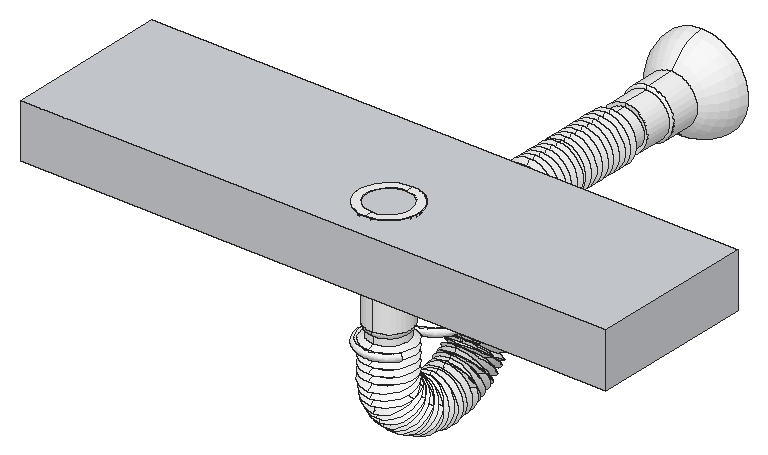
Revit family "BIM_01-2907-215", category Aparatos sanitarios, Revit 2023
Family settings
  Anfitrión = Cara
  Cota de conector redondo = Usar diámetro
  Tipo de pieza = Normal
  Número OmniClass = 23.31.11.00
  Activar corte en vistas = No
  Corte con vacíos al cargar = No
  Mantener orientación de anotación = No
  Compartido = No
  Punto de cálculo de habitación = No
Parameters (values of type "01-2907-15")
  largo Contraido = 315.0 mm
  Waste Water Outlet = ""
  Tubo de desagüe = "1 1/2\""
  Tubo macho pared = "1 1/4\""
  Torque de Conexioón = "20 Nm"
  Tipo de Uso = "Domestico"
  Temperaturas de trabajo = "de 19C° A 62C°"
  Sitio web = "https://www.gricol.com/"
  Resistencia a Corrosión = "NTC 1156, Sal Neutral"
  Referente Normativo = "NTC 5302, ASME A112.18.2 / CSA B125.2"
  Materiales del producto = "Polipropileno, Caucho"
  Link Ficha Tecnica = "https://infotecnica.gricol.com/FT_01-2907-215S_01-2988-215P_01-2907-211_01-2989-211P.pdf"
  Goteo de Sello = "63 ml/min"
  Garantia Especifica = "20 Años"
  Diametro Externo = "1 1/2\""
  Consumo aproximado a 25 psi = 27
  Conexión de residuos = 1 = 0  # no
  Conexión de ventilación = 1 = 0  # no
  URL = "https://www.gricol.com/products/sifon_expansible_lavaplatos_lavamanos"
  Imagen de tipo = FOTO-SIFÓN EXPANSIBLE PLÁSTICO 1½ Ó 1¼.jpg
  Product Name = "Sifón expansible 1 1/2'' - 1 1/4'' blanco"  # constant formula
  Model = "01-2907-15\r"  # constant formula
  Fabricante = "Gricol"  # constant formula
  Largo expandido = 827.0 mm
  Conexión AC = 1 = 1  # yes
  Descripción = "Sifon"  # constant formula
  Default Elevation = 0.0 mm
  Date Modified = "25-08-2025"  # constant formula
  Date Created = "05/28/2020"  # constant formula
  Copyright = "All rights reserved © Gricol - 2025."  # constant formula
  Plastico polipropileno gris = Plastico - polipropileno
  CW Connection = 1 = 1  # yes
  Assembly Code = ""
  Conexiones = "Tubo para acople en tubería de 1¼\" ó 1½\""
  Ancho = 47.5 mm
Reference planes
  plane 1 "Center (Front/Back)": y = 0
  plane 2: z = 0
  plane 3 "Center (Left/Right)": x = 0
  plane 4: x = 39.75
  plane 5: z = -158.75
  plane 6: y = 23.75
  plane 7: y = -23.75
  plane 8: y = 273.435
  plane 9: x = 43.92
  plane 10: x = -3.548
Forms (mm)
  Extrusion 1, solid
    sketch origin (0, 0, 0) x (1, 0, 0) y (0, 1, 0)
      loop
        line (-206.57, 77.221) -> (-206.57, -37.685) -> (202.65, -37.685) -> (202.65, 77.221) -> (-206.57, 77.221)
    from 0 to -38.036
Dimensions and locks
  plane 3 "Center (Left/Right)" to plane 4 = 39.75 mm
  plane 5 to level = 158.75 mm
  plane 6 to plane 7 = 47.5 mm
  plane 7 to plane 8 = 297.185 mm
  plane 10 to plane 9 = 47.468 mm
  aligned and locked: plane 2 to Extrusion 1
  aligned and locked: level to Extrusion 1
Nested families
  nested 1: "SIFÓN EXPANSIBLE PLÁSTICO 1½ Ó 1¼" at (20.512, -6.772, 0), type "SIFÓN EXPANSIBLE PLÁSTICO 1½ Ó 1¼"
Definition of nested family "SIFÓN EXPANSIBLE PLÁSTICO 1½ Ó 1¼"
  Parameters (values of type "SIFÓN EXPANSIBLE PLÁSTICO 1½ Ó 1¼")
    Weight Net (Kg) = "6.60Kg"
    Default Elevation = 0.0 mm
    Waste Connection = no
    Vent Connection = no
    Type Comments = ""
    Tuerca Empaque = none
    Cacucho = none
    Nominal width = "370"
    Nominal height = "130"
    Model = ""
    Manufacturer = ""
    Keynote = ""
    HW Connection = no
    Extencion = none
    Cost = 0
    CW Connection = no
  Reference planes
    plane 1: z = 0
    plane 2 "Center (Left/Right)": x = 0
    plane 3 "10": z = -121.5
    plane 4: x = 30.601
    plane 5 "11": x = -30.601
    plane 6 "14": x = 30.69
    plane 7 "15": x = 23.407
    plane 8 "16": x = -23.592
    plane 9 "20": y = -24.375
    plane 10 "21": y = 280.485
    plane 11: y = 6.772
    plane 12: y = 30.522
    plane 13: y = -16.978
    plane 14 "28": z = -23.6
  Forms (mm)
    Revolve 1, solid
      sketch origin (0, 200.504, 1.457) x (0, 0, 1) y (0, -1, 0)
        loop
          line (-76.257, 178.4) -> (-44.079, 178.4)
          arc (-44.079, 178.4) -> (-43.055, 175.926) -> (-40.581, 174.901) r 3.499
          line (-40.581, 174.901) -> (-28.198, 174.901) -> (-28.198, 169.901) -> (-11.289, 169.901) -> (-11.289, 171.895) -> (-10.158, 173.026) -> (-9.027, 171.895) -> (-7.897, 173.026) -> (-6.766, 171.895) -> (-5.635, 173.026) -> (-4.504, 171.895) -> (-3.373, 173.026) -> (-2.242, 171.895) -> (-1.457, 172.681) -> (-1.457, 193.61) -> (-79.792, 193.61) -> (-79.792, 180.311)
          arc (-79.792, 180.311) -> (-78.266, 178.908) -> (-76.257, 178.4) r 4.224
        axis (-1.457, 193.61) -> (-79.792, 193.61)
      angle from 0 to 360
    Revolve 2, solid
      sketch origin (0, 280.207, -44.556) x (0, 0, 1) y (0, -1, 0)
        loop
          arc (32.5, 0) -> (28.183, 14.828) -> (17.5, 25.981) r 32.446
          line (17.5, 25.981) -> (17.5, 46.423)
          arc (17.5, 46.423) -> (16.977, 47.686) -> (15.714, 48.209) r 1.786
          line (15.714, 48.209) -> (15.714, 67.123) -> (0, 67.123) -> (0, 0) -> (32.5, 0)
        axis (0, 0) -> (0, 67.123)
      angle from 0 to 360
    Extrusion 3, solid
      sketch origin (0.51, 3.297, -50.202) x (1, 0, 0.000021) y (0, 1, 0)
        loop
          circle (-0.747, 3.139) r 23.75
      from 23.688 to 40.37
    Revolve 4, solid
      sketch origin (169.077, 181.323, -32.959) x (0, 0, 1) y (-0.881442, -0.472291, 0)
        loop
          circle (-54.884, 173.292) r 2.199
        axis (-52.684, 192.2) -> (-57.083, 192.2)
      angle from 0 to 242.659
    Revolve 5, solid
      sketch origin (0, -29.389, -35) x (0, 1, 0) y (0, 0, 1)
        loop
          line (242.473, -9.644) -> (242.473, 3.526) -> (232.718, 3.526) -> (230.279, 7.75) -> (227.779, 3.42) -> (227.779, -9.644) -> (242.473, -9.644)
        axis (242.473, -9.644) -> (227.779, -9.644)
      angle from 0 to 360
    Revolve 6, solid
      sketch origin (0, -44.084, -35) x (0, 1, 0) y (0, 0, 1)
        loop
          line (242.473, -9.644) -> (242.473, 3.526) -> (240.035, 7.75) -> (237.596, 3.526) -> (235.157, 7.75) -> (232.718, 3.526) -> (230.279, 7.75) -> (227.779, 3.42) -> (227.779, -9.644) -> (242.473, -9.644)
        axis (242.473, -9.644) -> (227.779, -9.644)
      angle from 0 to 360
    Revolve 7, solid
      sketch origin (0, -58.778, -35) x (0, 1, 0) y (0, 0, 1)
        loop
          line (242.473, -9.644) -> (242.473, 3.526) -> (240.035, 7.75) -> (237.596, 3.526) -> (235.157, 7.75) -> (232.718, 3.526) -> (230.279, 7.75) -> (227.779, 3.42) -> (227.779, -9.644) -> (242.473, -9.644)
        axis (242.473, -9.644) -> (227.779, -9.644)
      angle from 0 to 360
    Revolve 8, solid
      sketch origin (0, -73.473, -35) x (0, 1, 0) y (0, 0, 1)
        loop
          line (242.473, -9.644) -> (242.473, 3.526) -> (240.035, 7.75) -> (237.596, 3.526) -> (235.157, 7.75) -> (232.718, 3.526) -> (230.279, 7.75) -> (227.779, 3.42) -> (227.779, -9.644) -> (242.473, -9.644)
        axis (242.473, -9.644) -> (227.779, -9.644)
      angle from 0 to 360
    Revolve 9, solid
      sketch origin (0, -88.167, -35) x (0, 1, 0) y (0, 0, 1)
        loop
          line (244.973, -9.644) -> (244.973, 3.526) -> (242.535, 7.75) -> (240.096, 3.526) -> (237.657, 7.75) -> (235.218, 3.526) -> (232.779, 7.75) -> (230.279, 3.42) -> (230.279, -9.644) -> (244.973, -9.644)
        axis (244.973, -9.644) -> (230.279, -9.644)
      angle from 0 to 360
    Revolve 10, solid
      sketch origin (0, -102.862, -35) x (0, 1, 0) y (0, 0, 1)
        loop
          line (244.973, -9.644) -> (244.973, 3.526) -> (242.535, 7.75) -> (240.096, 3.526) -> (237.657, 7.75) -> (235.218, 3.526) -> (232.779, 7.75) -> (230.279, 3.42) -> (230.279, -9.644) -> (244.973, -9.644)
        axis (244.973, -9.644) -> (230.279, -9.644)
      angle from 0 to 360
    Revolve 11, solid
      sketch origin (0, -114.706, -69.721) x (0, 0.990268, 0.139173) y (0, -0.139173, 0.990268)
        loop
          line (244.949, -9.992) -> (244.949, 3.178) -> (242.51, 7.402) -> (240.071, 3.178) -> (237.632, 7.402) -> (235.193, 3.178) -> (232.755, 7.402) -> (230.255, 3.072) -> (230.255, -9.992) -> (244.949, -9.992)
        axis (244.949, -9.992) -> (230.255, -9.992)
      angle from 0 to 360
    Revolve 12, solid
      sketch origin (0, -107.885, -141.206) x (0, 0.906308, 0.422618) y (0, -0.422618, 0.906308)
        loop
          line (244.739, -10.701) -> (244.739, 2.469) -> (242.3, 6.693) -> (239.861, 2.469) -> (237.422, 6.693) -> (234.984, 2.469) -> (232.545, 6.693) -> (230.045, 2.363) -> (230.045, -10.701) -> (244.739, -10.701)
        axis (244.739, -10.701) -> (230.045, -10.701)
      angle from 0 to 360
    Revolve 13, solid
      sketch origin (0, -83.621, -203.485) x (0, 0.75471, 0.656059) y (0, -0.656059, 0.75471)
        loop
          line (244.36, -11.284) -> (244.36, 1.886) -> (241.921, 6.11) -> (239.482, 1.886) -> (237.044, 6.11) -> (234.605, 1.886) -> (232.166, 6.11) -> (229.666, 1.78) -> (229.666, -11.284) -> (244.36, -11.284)
        axis (244.36, -11.284) -> (229.666, -11.284)
      angle from 0 to 360
    Revolve 14, solid
      sketch origin (0, -46.672, -254.36) x (0, 0.559193, 0.829038) y (0, -0.829038, 0.559193)
        loop
          line (243.871, -11.717) -> (243.871, 1.453) -> (241.433, 5.677) -> (238.994, 1.453) -> (236.555, 5.677) -> (234.116, 1.453) -> (231.677, 5.677) -> (229.177, 1.347) -> (229.177, -11.717) -> (243.871, -11.717)
        axis (243.871, -11.717) -> (229.177, -11.717)
      angle from 0 to 360
    Revolve 15, solid
      sketch origin (0, 34.958, -302.272) x (0, 0.190809, 0.981627) y (0, -0.981627, 0.190809)
        loop
          line (242.95, -12.098) -> (242.95, 1.072) -> (240.512, 5.296) -> (238.073, 1.072) -> (235.634, 5.296) -> (233.195, 1.072) -> (230.756, 5.296) -> (228.256, 0.966) -> (228.256, -12.098) -> (242.95, -12.098)
        axis (242.95, -12.098) -> (228.256, -12.098)
      angle from 0 to 360
    Revolve 16, solid
      sketch origin (0, 78.589, -320.499) x (0, 0, 1) y (0, -1, 0)
        loop
          line (242.473, -12.144) -> (242.473, 1.026) -> (240.035, 5.25) -> (237.596, 1.026) -> (235.157, 5.25) -> (232.718, 1.026) -> (230.279, 5.25) -> (227.779, 0.92) -> (227.779, -12.144) -> (242.473, -12.144)
        axis (242.473, -12.144) -> (227.779, -12.144)
      angle from 0 to 360
    Revolve 17, solid
      sketch origin (0, 77.964, -335.499) x (0, 0, 1) y (0, -1, 0)
        loop
          line (242.473, -12.144) -> (242.473, 1.026) -> (240.035, 5.25) -> (237.596, 1.026) -> (235.157, 5.25) -> (232.718, 1.026) -> (230.279, 5.25) -> (227.779, 0.92) -> (227.779, -12.144) -> (242.473, -12.144)
        axis (242.473, -12.144) -> (227.779, -12.144)
      angle from 0 to 360
    Revolve 18, solid
      sketch origin (0, 280.347, -150.915) x (0, -1, 0) y (0, 0, -1)
        loop
          line (232.718, -9.644) -> (232.718, 3.526) -> (230.279, 7.75) -> (227.779, 3.42) -> (227.779, -9.644) -> (232.718, -9.644)
        axis (232.718, -9.644) -> (227.779, -9.644)
      angle from 0 to 360
    Revolve 19, solid
      sketch origin (0, 292.191, -116.194) x (0, -0.990268, -0.139173) y (0, 0.139173, -0.990268)
        loop
          line (242.473, -9.644) -> (242.473, 3.526) -> (240.035, 7.75) -> (237.596, 3.526) -> (235.157, 7.75) -> (232.718, 3.526) -> (230.279, 7.75) -> (227.779, 3.42) -> (227.779, -9.644) -> (242.473, -9.644)
        axis (242.473, -9.644) -> (227.779, -9.644)
      angle from 0 to 360
    Revolve 20, solid
      sketch origin (0, 285.37, -44.709) x (0, -0.906308, -0.422618) y (0, 0.422618, -0.906308)
        loop
          line (242.473, -9.644) -> (242.473, 3.526) -> (240.035, 7.75) -> (237.596, 3.526) -> (235.157, 7.75) -> (232.718, 3.526) -> (230.279, 7.75) -> (227.779, 3.42) -> (227.779, -9.644) -> (242.473, -9.644)
        axis (242.473, -9.644) -> (227.779, -9.644)
      angle from 0 to 360
    Revolve 21, solid
      sketch origin (0, 261.107, 17.57) x (0, -0.75471, -0.656059) y (0, 0.656059, -0.75471)
        loop
          line (242.473, -9.644) -> (242.473, 3.526) -> (240.035, 7.75) -> (237.596, 3.526) -> (235.157, 7.75) -> (232.718, 3.526) -> (230.279, 7.75) -> (227.779, 3.42) -> (227.779, -9.644) -> (242.473, -9.644)
        axis (242.473, -9.644) -> (227.779, -9.644)
      angle from 0 to 360
    Revolve 22, solid
      sketch origin (0, 224.157, 68.445) x (0, -0.559193, -0.829038) y (0, 0.829038, -0.559193)
        loop
          line (242.473, -9.644) -> (242.473, 3.526) -> (240.035, 7.75) -> (237.596, 3.526) -> (235.157, 7.75) -> (232.718, 3.526) -> (230.279, 7.75) -> (227.779, 3.42) -> (227.779, -9.644) -> (242.473, -9.644)
        axis (242.473, -9.644) -> (227.779, -9.644)
      angle from 0 to 360
    Revolve 23, solid
      sketch origin (0, 142.527, 116.357) x (0, -0.190809, -0.981627) y (0, 0.981627, -0.190809)
        loop
          line (242.473, -9.644) -> (242.473, 3.526) -> (240.035, 7.75) -> (237.596, 3.526) -> (235.157, 7.75) -> (232.718, 3.526) -> (230.279, 7.75) -> (227.779, 3.42) -> (227.779, -9.644) -> (242.473, -9.644)
        axis (242.473, -9.644) -> (227.779, -9.644)
      angle from 0 to 360
    Revolve 24, solid, not visible
      sketch origin (0, 243.313, -49.97) x (0, -1, 0) y (0, 0, -1)
        loop
          line (232.718, -9.644) -> (232.718, 3.526) -> (230.279, 7.75) -> (227.779, 3.42) -> (227.779, -9.644) -> (232.718, -9.644)
        axis (232.718, -9.644) -> (227.779, -9.644)
      angle from 0 to 360
    Revolve 25, solid, not visible
      sketch origin (0, 255.157, -15.249) x (0, -0.990268, -0.139173) y (0, 0.139173, -0.990268)
        loop
          line (242.473, -9.644) -> (242.473, 3.526) -> (240.035, 7.75) -> (237.596, 3.526) -> (235.157, 7.75) -> (232.718, 3.526) -> (230.279, 7.75) -> (227.779, 3.42) -> (227.779, -9.644) -> (242.473, -9.644)
        axis (242.473, -9.644) -> (227.779, -9.644)
      angle from 0 to 360
    Revolve 26, solid, not visible
      sketch origin (0, 248.336, 56.236) x (0, -0.906308, -0.422618) y (0, 0.422618, -0.906308)
        loop
          line (242.473, -9.644) -> (242.473, 3.526) -> (240.035, 7.75) -> (237.596, 3.526) -> (235.157, 7.75) -> (232.718, 3.526) -> (230.279, 7.75) -> (227.779, 3.42) -> (227.779, -9.644) -> (242.473, -9.644)
        axis (242.473, -9.644) -> (227.779, -9.644)
      angle from 0 to 360
    Revolve 27, solid, not visible
      sketch origin (0, 224.072, 118.515) x (0, -0.75471, -0.656059) y (0, 0.656059, -0.75471)
        loop
          line (242.473, -9.644) -> (242.473, 3.526) -> (240.035, 7.75) -> (237.596, 3.526) -> (235.157, 7.75) -> (232.718, 3.526) -> (230.279, 7.75) -> (227.779, 3.42) -> (227.779, -9.644) -> (242.473, -9.644)
        axis (242.473, -9.644) -> (227.779, -9.644)
      angle from 0 to 360
    Revolve 28, solid, not visible
      sketch origin (0, 187.123, 169.39) x (0, -0.559193, -0.829038) y (0, 0.829038, -0.559193)
        loop
          line (242.473, -9.644) -> (242.473, 3.526) -> (240.035, 7.75) -> (237.596, 3.526) -> (235.157, 7.75) -> (232.718, 3.526) -> (230.279, 7.75) -> (227.779, 3.42) -> (227.779, -9.644) -> (242.473, -9.644)
        axis (242.473, -9.644) -> (227.779, -9.644)
      angle from 0 to 360
    Revolve 29, solid, not visible
      sketch origin (0, 105.493, 217.302) x (0, -0.190809, -0.981627) y (0, 0.981627, -0.190809)
        loop
          line (242.473, -9.644) -> (242.473, 3.526) -> (240.035, 7.75) -> (237.596, 3.526) -> (235.157, 7.75) -> (232.718, 3.526) -> (230.279, 7.75) -> (227.779, 3.42) -> (227.779, -9.644) -> (242.473, -9.644)
        axis (242.473, -9.644) -> (227.779, -9.644)
      angle from 0 to 360
    Revolve 30, solid
      sketch origin (0, 280.347, -150.915) x (0, -1, 0) y (0, 0, -1)
        loop
          line (232.718, -9.644) -> (237.657, -9.644) -> (237.657, 3.42) -> (235.157, 7.75) -> (232.718, 3.526) -> (232.718, -9.644)
        axis (232.718, -9.644) -> (237.657, -9.644)
      angle from 0 to 360
    Revolve 31, solid
      sketch origin (0, 292.191, -116.194) x (0, -0.990268, -0.139173) y (0, 0.139173, -0.990268)
        loop
          line (248.625, -10.509) -> (262.75, -14.559) -> (266.351, -2.001) -> (265.142, 2.85) -> (261.633, -0.538) -> (260.453, 4.195) -> (256.944, 0.806) -> (255.764, 5.539) -> (252.255, 2.151) -> (248.625, -10.509)
        axis (248.625, -10.509) -> (262.75, -14.559)
      angle from 0 to 360
    Revolve 32, solid
      sketch origin (0, 285.37, -44.709) x (0, -0.906308, -0.422618) y (0, 0.422618, -0.906308)
        loop
          line (267.687, -21.401) -> (277.132, -32.658) -> (287.14, -24.261) -> (288.85, -19.562) -> (284.046, -20.409) -> (285.714, -15.825) -> (280.911, -16.672) -> (282.579, -12.089) -> (277.775, -12.936) -> (267.687, -21.401)
        axis (267.687, -21.401) -> (277.132, -32.658)
      angle from 0 to 360
    Revolve 33, solid
      sketch origin (0, 261.107, 17.57) x (0, -0.75471, -0.656059) y (0, 0.656059, -0.75471)
        loop
          line (278.931, -41.336) -> (280.976, -55.888) -> (293.913, -54.069) -> (297.853, -50.991) -> (293.33, -49.164) -> (297.174, -46.161) -> (292.651, -44.334) -> (296.495, -41.33) -> (291.973, -39.503) -> (278.931, -41.336)
        axis (278.931, -41.336) -> (280.976, -55.888)
      angle from 0 to 360
    Revolve 34, solid
      sketch origin (0, 224.157, 68.445) x (0, -0.559193, -0.829038) y (0, 0.829038, -0.559193)
        loop
          line (279.317, -64.267) -> (273.812, -77.891) -> (285.925, -82.785) -> (290.876, -82.089) -> (287.873, -78.245) -> (292.703, -77.566) -> (289.7, -73.723) -> (294.531, -73.044) -> (291.528, -69.2) -> (279.317, -64.267)
        axis (279.317, -64.267) -> (273.812, -77.891)
      angle from 0 to 360
    Revolve 35, solid
      sketch origin (0, 142.527, 116.357) x (0, -0.190809, -0.981627) y (0, 0.981627, -0.190809)
        loop
          line (257.419, -86.535) -> (243.795, -92.039) -> (248.689, -104.152) -> (252.629, -107.23) -> (253.308, -102.4) -> (257.151, -105.403) -> (257.83, -100.573) -> (261.674, -103.576) -> (262.353, -98.745) -> (257.419, -86.535)
        axis (257.419, -86.535) -> (243.795, -92.039)
      angle from 0 to 360
    Revolve 36, solid
      sketch origin (169.234, -41.786, -32.871) x (0, 0, 1) y (0.881442, -0.472291, 0)
        loop
          circle (-54.884, -169.542) r 2.199
        axis (-52.684, -192.2) -> (-57.083, -192.2)
      angle from -118.267 to 60.946
    Revolve 37, solid
      sketch origin (162.236, -94.806, -32.887) x (0, 0, 1) y (0.84635, -0.532627, 0)
        loop
          circle (-54.884, -173.292) r 2.199
        axis (-52.684, -192.2) -> (-57.083, -192.2)
      angle from 0 to 239.224
    Revolve 38, solid
      sketch origin (0, -5.372, -335.499) x (0, 0, 1) y (0, -1, 0)
        loop
          line (242.473, -12.144) -> (242.473, 1.026) -> (240.035, 5.25) -> (237.596, 1.026) -> (235.157, 5.25) -> (232.718, 1.026) -> (230.279, 5.25) -> (227.779, 0.92) -> (227.779, -12.144) -> (242.473, -12.144)
        axis (242.473, -12.144) -> (227.779, -12.144)
      angle from 0 to 360
    Revolve 39, solid
      sketch origin (0, -5.372, -320.635) x (0, 0, 1) y (0, -1, 0)
        loop
          line (242.473, -12.144) -> (242.473, 1.026) -> (237.596, 1.026) -> (235.157, 5.25) -> (232.718, 1.026) -> (230.279, 5.25) -> (227.779, 0.92) -> (227.779, -12.144) -> (242.473, -12.144)
        axis (242.473, -12.144) -> (227.779, -12.144)
      angle from 0 to 360
    Extrusion 40, void
      sketch origin (0, 6.894, 0) x (-1, 0, 0) y (0, 1, 0)
        loop
          circle (0, 0) r 15.207
      from 0 to 39.726
    Extrusion 41, void
      sketch origin (0, 280.207, -44.556) x (1, 0, 0) y (0, 0, 1)
        loop
          circle (0, 0) r 15.875
      from 0 to 41.46
  Cuts and joins
    Extrusion 40 cuts Revolve 1
    Extrusion 40 cuts Extrusion 3
    Extrusion 40 cuts Revolve 32
    Extrusion 40 cuts Revolve 33
    Extrusion 40 cuts Revolve 35
    Extrusion 40 cuts Revolve 38
    Extrusion 40 cuts Revolve 39
    Extrusion 41 cuts Revolve 2
    Extrusion 41 cuts Revolve 5
    Extrusion 41 cuts Revolve 6
    Extrusion 41 cuts Revolve 7
    Extrusion 41 cuts Revolve 8
    Extrusion 41 cuts Revolve 9
    Extrusion 41 cuts Revolve 10
    Extrusion 41 cuts Revolve 12
    Extrusion 41 cuts Revolve 13
    Extrusion 41 cuts Revolve 14
  Dimensions and locks
    equal spacing: plane 5 "11", plane 2 "Center (Left/Right)", plane 4
    plane 5 "11" to plane 4 = 61.201 mm
    level to plane 3 "10" = 121.5 mm  (x2)
    plane 7 "15" to plane 8 "16" = 46.999 mm
    plane 10 "21" to plane 9 "20" = 304.86 mm
    level to plane 14 "28" = 23.6 mm
    aligned and locked: level to plane 1
  Automatic sketch dimensions
    Revolve 19 sketch curve to Revolve 19 sketch curve = 2.5 mm
    Revolve 19 sketch curve to Revolve 19 sketch curve = 2.439 mm  (x3)
    Revolve 19 sketch curve to Revolve 19 sketch curve = 4.878 mm  (x2)
    Revolve 19 sketch curve to Revolve 19 sketch curve = 13.064 mm
    Revolve 19 sketch curve to Revolve 19 sketch curve = 13.17 mm
    Revolve 19 sketch curve to Revolve 19 sketch curve = 0.0 mm  (x4)
    Revolve 19 sketch curve to Revolve 19 sketch curve = 4.224 mm  (x3)
    Revolve 19 sketch curve to Revolve 19 sketch curve = 0.305 mm
    Revolve 20 sketch curve to Revolve 20 sketch curve = 2.5 mm
    Revolve 20 sketch curve to Revolve 20 sketch curve = 2.439 mm  (x2)
    Revolve 20 sketch curve to Revolve 20 sketch curve = 4.878 mm  (x3)
    Revolve 20 sketch curve to Revolve 20 sketch curve = 13.064 mm
    Revolve 20 sketch curve to Revolve 20 sketch curve = 13.17 mm
    Revolve 20 sketch curve to Revolve 20 sketch curve = 0.0 mm  (x4)
    Revolve 20 sketch curve to Revolve 20 sketch curve = 4.224 mm  (x3)
    Revolve 20 sketch curve to Revolve 20 sketch curve = 0.305 mm
    Revolve 21 sketch curve to Revolve 21 sketch curve = 2.5 mm
    Revolve 21 sketch curve to Revolve 21 sketch curve = 2.439 mm  (x2)
    Revolve 21 sketch curve to Revolve 21 sketch curve = 4.878 mm  (x3)
    Revolve 21 sketch curve to Revolve 21 sketch curve = 13.064 mm
    Revolve 21 sketch curve to Revolve 21 sketch curve = 13.17 mm
    Revolve 21 sketch curve to Revolve 21 sketch curve = 0.0 mm  (x4)
    Revolve 21 sketch curve to Revolve 21 sketch curve = 4.224 mm  (x3)
    Revolve 21 sketch curve to Revolve 21 sketch curve = 0.305 mm
    Revolve 22 sketch curve to Revolve 22 sketch curve = 2.5 mm
    Revolve 22 sketch curve to Revolve 22 sketch curve = 2.439 mm  (x2)
    Revolve 22 sketch curve to Revolve 22 sketch curve = 4.878 mm  (x3)
    Revolve 22 sketch curve to Revolve 22 sketch curve = 13.064 mm
    Revolve 22 sketch curve to Revolve 22 sketch curve = 13.17 mm
    Revolve 22 sketch curve to Revolve 22 sketch curve = 0.0 mm  (x4)
    Revolve 22 sketch curve to Revolve 22 sketch curve = 4.224 mm  (x3)
    Revolve 22 sketch curve to Revolve 22 sketch curve = 0.305 mm
    Revolve 23 sketch curve to Revolve 23 sketch curve = 2.5 mm
    Revolve 23 sketch curve to Revolve 23 sketch curve = 2.439 mm  (x2)
    Revolve 23 sketch curve to Revolve 23 sketch curve = 4.878 mm  (x3)
    Revolve 23 sketch curve to Revolve 23 sketch curve = 13.064 mm
    Revolve 23 sketch curve to Revolve 23 sketch curve = 13.17 mm
    Revolve 23 sketch curve to Revolve 23 sketch curve = 0.0 mm  (x4)
    Revolve 23 sketch curve to Revolve 23 sketch curve = 4.224 mm  (x3)
    Revolve 23 sketch curve to Revolve 23 sketch curve = 0.305 mm
    Revolve 18 sketch curve to Revolve 18 sketch curve = 2.5 mm
    Revolve 18 sketch curve to Revolve 18 sketch curve = 2.439 mm
    Revolve 18 sketch curve to Revolve 18 sketch curve = 13.064 mm
    Revolve 18 sketch curve to Revolve 18 sketch curve = 0.305 mm
    Revolve 18 sketch curve to Revolve 18 sketch curve = 9.756 mm
    Revolve 18 sketch curve to Revolve 18 sketch curve = 0.0 mm
    Revolve 18 sketch curve to Revolve 18 sketch curve = 0.106 mm
    Revolve 18 sketch curve to Revolve 18 sketch curve = 4.224 mm
    Revolve 25 sketch curve to Revolve 25 sketch curve = 2.5 mm
    Revolve 25 sketch curve to Revolve 25 sketch curve = 2.439 mm  (x3)
    Revolve 25 sketch curve to Revolve 25 sketch curve = 4.878 mm  (x2)
    Revolve 25 sketch curve to Revolve 25 sketch curve = 13.064 mm
    Revolve 25 sketch curve to Revolve 25 sketch curve = 13.17 mm
    Revolve 25 sketch curve to Revolve 25 sketch curve = 0.0 mm  (x4)
    Revolve 25 sketch curve to Revolve 25 sketch curve = 4.224 mm  (x3)
    Revolve 25 sketch curve to Revolve 25 sketch curve = 0.305 mm
    Revolve 26 sketch curve to Revolve 26 sketch curve = 2.5 mm
    Revolve 26 sketch curve to Revolve 26 sketch curve = 2.439 mm  (x2)
    Revolve 26 sketch curve to Revolve 26 sketch curve = 4.878 mm  (x3)
    Revolve 26 sketch curve to Revolve 26 sketch curve = 13.064 mm
    Revolve 26 sketch curve to Revolve 26 sketch curve = 13.17 mm
    Revolve 26 sketch curve to Revolve 26 sketch curve = 0.0 mm  (x4)
    Revolve 26 sketch curve to Revolve 26 sketch curve = 4.224 mm  (x3)
    Revolve 26 sketch curve to Revolve 26 sketch curve = 0.305 mm
    Revolve 27 sketch curve to Revolve 27 sketch curve = 2.5 mm
    Revolve 27 sketch curve to Revolve 27 sketch curve = 2.439 mm  (x2)
    Revolve 27 sketch curve to Revolve 27 sketch curve = 4.878 mm  (x3)
    Revolve 27 sketch curve to Revolve 27 sketch curve = 13.064 mm
    Revolve 27 sketch curve to Revolve 27 sketch curve = 13.17 mm
    Revolve 27 sketch curve to Revolve 27 sketch curve = 0.0 mm  (x4)
    Revolve 27 sketch curve to Revolve 27 sketch curve = 4.224 mm  (x3)
    Revolve 27 sketch curve to Revolve 27 sketch curve = 0.305 mm
    Revolve 28 sketch curve to Revolve 28 sketch curve = 2.5 mm
    Revolve 28 sketch curve to Revolve 28 sketch curve = 2.439 mm  (x2)
    Revolve 28 sketch curve to Revolve 28 sketch curve = 4.878 mm  (x3)
    Revolve 28 sketch curve to Revolve 28 sketch curve = 13.064 mm
    Revolve 28 sketch curve to Revolve 28 sketch curve = 13.17 mm
    Revolve 28 sketch curve to Revolve 28 sketch curve = 0.0 mm  (x4)
    Revolve 28 sketch curve to Revolve 28 sketch curve = 4.224 mm  (x3)
    Revolve 28 sketch curve to Revolve 28 sketch curve = 0.305 mm
    Revolve 29 sketch curve to Revolve 29 sketch curve = 2.5 mm
    Revolve 29 sketch curve to Revolve 29 sketch curve = 2.439 mm  (x2)
    Revolve 29 sketch curve to Revolve 29 sketch curve = 4.878 mm  (x3)
    Revolve 29 sketch curve to Revolve 29 sketch curve = 13.064 mm
    Revolve 29 sketch curve to Revolve 29 sketch curve = 13.17 mm
    Revolve 29 sketch curve to Revolve 29 sketch curve = 0.0 mm  (x4)
    Revolve 29 sketch curve to Revolve 29 sketch curve = 4.224 mm  (x3)
    Revolve 29 sketch curve to Revolve 29 sketch curve = 0.305 mm
    Revolve 24 sketch curve to Revolve 24 sketch curve = 2.5 mm
    Revolve 24 sketch curve to Revolve 24 sketch curve = 2.439 mm
    Revolve 24 sketch curve to Revolve 24 sketch curve = 13.064 mm
    Revolve 24 sketch curve to Revolve 24 sketch curve = 0.305 mm
    Revolve 24 sketch curve to Revolve 24 sketch curve = 9.756 mm
    Revolve 24 sketch curve to Revolve 24 sketch curve = 0.0 mm
    Revolve 24 sketch curve to Revolve 24 sketch curve = 0.106 mm
    Revolve 24 sketch curve to Revolve 24 sketch curve = 4.224 mm
    Revolve 31 sketch curve to Revolve 31 sketch curve = 1.21 mm
    Revolve 31 sketch curve to Revolve 31 sketch curve = 3.509 mm  (x3)
    Revolve 31 sketch curve to Revolve 31 sketch curve = 4.689 mm  (x2)
    Revolve 31 sketch curve to Revolve 31 sketch curve = 12.558 mm
    Revolve 31 sketch curve to Revolve 31 sketch curve = 12.66 mm
    Revolve 31 sketch curve to Revolve 31 sketch curve = 1.345 mm  (x2)
    Revolve 31 sketch curve to Revolve 31 sketch curve = 3.388 mm  (x3)
    Revolve 31 sketch curve to Revolve 31 sketch curve = 0.294 mm
    Revolve 31 sketch curve to Revolve 31 sketch curve = 0.0 mm  (x2)
    Revolve 31 sketch curve to Revolve 31 sketch curve = 0.084 mm
    Revolve 32 sketch curve to Revolve 32 sketch curve = 1.71 mm
    Revolve 32 sketch curve to Revolve 32 sketch curve = 4.804 mm  (x2)
    Revolve 32 sketch curve to Revolve 32 sketch curve = 3.135 mm  (x3)
    Revolve 32 sketch curve to Revolve 32 sketch curve = 8.397 mm
    Revolve 32 sketch curve to Revolve 32 sketch curve = 8.465 mm
    Revolve 32 sketch curve to Revolve 32 sketch curve = 3.737 mm  (x2)
    Revolve 32 sketch curve to Revolve 32 sketch curve = 0.847 mm  (x3)
    Revolve 32 sketch curve to Revolve 32 sketch curve = 0.196 mm
    Revolve 32 sketch curve to Revolve 32 sketch curve = 0.0 mm  (x2)
    Revolve 32 sketch curve to Revolve 32 sketch curve = 0.234 mm
    Revolve 33 sketch curve to Revolve 33 sketch curve = 3.94 mm
    Revolve 33 sketch curve to Revolve 33 sketch curve = 4.523 mm  (x2)
    Revolve 33 sketch curve to Revolve 33 sketch curve = 0.679 mm  (x3)
    Revolve 33 sketch curve to Revolve 33 sketch curve = 1.818 mm
    Revolve 33 sketch curve to Revolve 33 sketch curve = 1.833 mm
    Revolve 33 sketch curve to Revolve 33 sketch curve = 4.83 mm  (x2)
    Revolve 33 sketch curve to Revolve 33 sketch curve = 1.827 mm  (x3)
    Revolve 33 sketch curve to Revolve 33 sketch curve = 0.043 mm
    Revolve 33 sketch curve to Revolve 33 sketch curve = 0.0 mm  (x2)
    Revolve 33 sketch curve to Revolve 33 sketch curve = 0.303 mm
    Revolve 34 sketch curve to Revolve 34 sketch curve = 4.951 mm
    Revolve 34 sketch curve to Revolve 34 sketch curve = 3.003 mm  (x2)
    Revolve 34 sketch curve to Revolve 34 sketch curve = 1.827 mm  (x3)
    Revolve 34 sketch curve to Revolve 34 sketch curve = 4.894 mm
    Revolve 34 sketch curve to Revolve 34 sketch curve = 4.933 mm
    Revolve 34 sketch curve to Revolve 34 sketch curve = 4.523 mm  (x2)
    Revolve 34 sketch curve to Revolve 34 sketch curve = 3.844 mm  (x3)
    Revolve 34 sketch curve to Revolve 34 sketch curve = 0.114 mm
    Revolve 34 sketch curve to Revolve 34 sketch curve = 0.0 mm  (x2)
    Revolve 34 sketch curve to Revolve 34 sketch curve = 0.283 mm
    Revolve 35 sketch curve to Revolve 35 sketch curve = 3.94 mm
    Revolve 35 sketch curve to Revolve 35 sketch curve = 0.679 mm  (x2)
    Revolve 35 sketch curve to Revolve 35 sketch curve = 4.523 mm  (x3)
    Revolve 35 sketch curve to Revolve 35 sketch curve = 12.113 mm
    Revolve 35 sketch curve to Revolve 35 sketch curve = 12.211 mm
    Revolve 35 sketch curve to Revolve 35 sketch curve = 1.827 mm  (x2)
    Revolve 35 sketch curve to Revolve 35 sketch curve = 4.83 mm  (x3)
    Revolve 35 sketch curve to Revolve 35 sketch curve = 0.283 mm
    Revolve 35 sketch curve to Revolve 35 sketch curve = 0.0 mm  (x2)
    Revolve 35 sketch curve to Revolve 35 sketch curve = 0.114 mm
    Revolve 30 sketch curve to Revolve 30 sketch curve = 2.5 mm
    Revolve 30 sketch curve to Revolve 30 sketch curve = 2.439 mm
    Revolve 30 sketch curve to Revolve 30 sketch curve = 13.064 mm
    Revolve 30 sketch curve to Revolve 30 sketch curve = 0.305 mm
    Revolve 30 sketch curve to Revolve 30 sketch curve = 9.756 mm
    Revolve 30 sketch curve to Revolve 30 sketch curve = 0.0 mm
    Revolve 30 sketch curve to Revolve 30 sketch curve = 0.106 mm
    Revolve 30 sketch curve to Revolve 30 sketch curve = 4.224 mm
    Revolve 4 sketch curve to Revolve 4 sketch curve = 9.798 mm
    Revolve 4 sketch curve to Revolve 4 sketch curve = 18.908 mm
    Revolve 6 sketch curve to level = 31.58 mm
    plane 10 "21" to Revolve 6 sketch curve = 96.79 mm
    Revolve 6 sketch curve to Revolve 6 sketch curve = 2.5 mm
    Revolve 6 sketch curve to level = 31.474 mm  (x3)
    Revolve 6 sketch curve to Revolve 6 sketch curve = 2.439 mm  (x4)
    Revolve 6 sketch curve to Revolve 6 sketch curve = 4.878 mm
    Revolve 6 sketch curve to level = 44.644 mm
    Revolve 6 sketch curve to Revolve 6 sketch curve = 0.305 mm
    Revolve 6 sketch curve to Revolve 6 sketch curve = 0.0 mm  (x2)
    Revolve 7 sketch curve to level = 31.58 mm
    plane 10 "21" to Revolve 7 sketch curve = 111.484 mm
    Revolve 7 sketch curve to Revolve 7 sketch curve = 2.5 mm
    Revolve 7 sketch curve to level = 31.474 mm  (x3)
    Revolve 7 sketch curve to Revolve 7 sketch curve = 2.439 mm  (x4)
    Revolve 7 sketch curve to Revolve 7 sketch curve = 4.878 mm
    Revolve 7 sketch curve to level = 44.644 mm
    Revolve 7 sketch curve to Revolve 7 sketch curve = 0.305 mm
    Revolve 7 sketch curve to Revolve 7 sketch curve = 0.0 mm  (x2)
    Revolve 8 sketch curve to level = 31.58 mm
    Revolve 8 sketch curve to Revolve 8 sketch curve = 2.5 mm
    Revolve 8 sketch curve to level = 31.474 mm  (x3)
    Revolve 8 sketch curve to Revolve 8 sketch curve = 2.439 mm  (x4)
    Revolve 8 sketch curve to Revolve 8 sketch curve = 4.878 mm
    Revolve 8 sketch curve to level = 44.644 mm
    Revolve 8 sketch curve to Revolve 8 sketch curve = 0.305 mm
    Revolve 8 sketch curve to Revolve 8 sketch curve = 0.0 mm  (x2)
    Revolve 9 sketch curve to level = 31.58 mm
    Revolve 9 sketch curve to Revolve 9 sketch curve = 2.5 mm
    Revolve 9 sketch curve to level = 31.474 mm  (x3)
    Revolve 9 sketch curve to Revolve 9 sketch curve = 2.439 mm
    Revolve 9 sketch curve to Revolve 9 sketch curve = 4.878 mm  (x4)
    Revolve 9 sketch curve to level = 44.644 mm
    Revolve 9 sketch curve to Revolve 9 sketch curve = 0.305 mm
    Revolve 9 sketch curve to Revolve 9 sketch curve = 0.0 mm  (x3)
    Revolve 10 sketch curve to level = 31.58 mm
    Revolve 10 sketch curve to Revolve 10 sketch curve = 2.5 mm
    Revolve 10 sketch curve to level = 31.474 mm  (x3)
    Revolve 10 sketch curve to Revolve 10 sketch curve = 2.439 mm
    Revolve 10 sketch curve to Revolve 10 sketch curve = 4.878 mm  (x4)
    Revolve 10 sketch curve to level = 44.644 mm
    Revolve 10 sketch curve to Revolve 10 sketch curve = 0.305 mm
    Revolve 10 sketch curve to Revolve 10 sketch curve = 0.0 mm  (x3)
    Revolve 11 sketch curve to level = 34.634 mm
    Revolve 11 sketch curve to Revolve 11 sketch curve = 2.5 mm
    Revolve 11 sketch curve to Revolve 11 sketch curve = 2.439 mm  (x3)
    Revolve 11 sketch curve to Revolve 11 sketch curve = 4.878 mm  (x2)
    Revolve 11 sketch curve to Revolve 11 sketch curve = 13.064 mm
    Revolve 11 sketch curve to Revolve 11 sketch curve = 13.17 mm
    Revolve 11 sketch curve to Revolve 11 sketch curve = 0.0 mm  (x4)
    Revolve 11 sketch curve to Revolve 11 sketch curve = 4.224 mm  (x3)
    Revolve 11 sketch curve to Revolve 11 sketch curve = 0.305 mm
    Revolve 12 sketch curve to level = 41.843 mm
    Revolve 12 sketch curve to Revolve 12 sketch curve = 2.5 mm
    Revolve 12 sketch curve to Revolve 12 sketch curve = 2.439 mm  (x2)
    Revolve 12 sketch curve to Revolve 12 sketch curve = 4.878 mm  (x3)
    Revolve 12 sketch curve to Revolve 12 sketch curve = 13.064 mm
    Revolve 12 sketch curve to Revolve 12 sketch curve = 13.17 mm
    Revolve 12 sketch curve to Revolve 12 sketch curve = 0.0 mm  (x4)
    Revolve 12 sketch curve to Revolve 12 sketch curve = 4.224 mm  (x3)
    Revolve 12 sketch curve to Revolve 12 sketch curve = 0.305 mm
    Revolve 13 sketch curve to Revolve 13 sketch curve = 2.5 mm
    Revolve 13 sketch curve to Revolve 13 sketch curve = 2.439 mm  (x2)
    Revolve 13 sketch curve to Revolve 13 sketch curve = 4.878 mm  (x3)
    Revolve 13 sketch curve to Revolve 13 sketch curve = 13.064 mm
    Revolve 13 sketch curve to Revolve 13 sketch curve = 13.17 mm
    Revolve 13 sketch curve to Revolve 13 sketch curve = 0.0 mm  (x4)
    Revolve 13 sketch curve to Revolve 13 sketch curve = 4.224 mm  (x3)
    Revolve 13 sketch curve to Revolve 13 sketch curve = 0.305 mm
    Revolve 14 sketch curve to Revolve 14 sketch curve = 2.5 mm
    Revolve 14 sketch curve to Revolve 14 sketch curve = 2.439 mm  (x2)
    Revolve 14 sketch curve to Revolve 14 sketch curve = 4.878 mm  (x3)
    Revolve 14 sketch curve to Revolve 14 sketch curve = 13.064 mm
    Revolve 14 sketch curve to Revolve 14 sketch curve = 13.17 mm
    Revolve 14 sketch curve to Revolve 14 sketch curve = 0.0 mm  (x4)
    Revolve 14 sketch curve to Revolve 14 sketch curve = 4.224 mm  (x3)
    Revolve 14 sketch curve to Revolve 14 sketch curve = 0.305 mm
    Revolve 15 sketch curve to Revolve 15 sketch curve = 2.5 mm
    Revolve 15 sketch curve to Revolve 15 sketch curve = 2.439 mm  (x2)
    Revolve 15 sketch curve to Revolve 15 sketch curve = 4.878 mm  (x3)
    Revolve 15 sketch curve to Revolve 15 sketch curve = 13.064 mm
    Revolve 15 sketch curve to Revolve 15 sketch curve = 13.17 mm
    Revolve 15 sketch curve to Revolve 15 sketch curve = 0.0 mm  (x4)
    Revolve 15 sketch curve to Revolve 15 sketch curve = 4.224 mm  (x3)
    Revolve 15 sketch curve to Revolve 15 sketch curve = 0.305 mm
    Revolve 16 sketch curve to Revolve 16 sketch curve = 2.5 mm
    Revolve 16 sketch curve to Revolve 16 sketch curve = 2.439 mm  (x3)
    Revolve 16 sketch curve to Revolve 16 sketch curve = 4.878 mm  (x2)
    Revolve 16 sketch curve to Revolve 16 sketch curve = 13.064 mm
    Revolve 16 sketch curve to Revolve 16 sketch curve = 13.17 mm
    Revolve 16 sketch curve to Revolve 16 sketch curve = 0.0 mm  (x4)
    Revolve 16 sketch curve to Revolve 16 sketch curve = 4.224 mm  (x3)
    Revolve 16 sketch curve to Revolve 16 sketch curve = 0.305 mm
    Revolve 17 sketch curve to Revolve 17 sketch curve = 2.5 mm
    Revolve 17 sketch curve to Revolve 17 sketch curve = 2.439 mm  (x3)
    Revolve 17 sketch curve to Revolve 17 sketch curve = 4.878 mm  (x2)
    Revolve 17 sketch curve to Revolve 17 sketch curve = 13.064 mm
    Revolve 17 sketch curve to Revolve 17 sketch curve = 13.17 mm
    Revolve 17 sketch curve to Revolve 17 sketch curve = 0.0 mm  (x4)
    Revolve 17 sketch curve to Revolve 17 sketch curve = 4.224 mm  (x3)
    Revolve 17 sketch curve to Revolve 17 sketch curve = 0.305 mm
    Revolve 36 sketch curve to Revolve 36 sketch curve = 9.798 mm
    Revolve 36 sketch curve to Revolve 36 sketch curve = 22.658 mm
    Revolve 37 sketch curve to Revolve 37 sketch curve = 9.798 mm
    Revolve 37 sketch curve to Revolve 37 sketch curve = 18.908 mm
    Revolve 38 sketch curve to Revolve 38 sketch curve = 2.5 mm
    Revolve 38 sketch curve to Revolve 38 sketch curve = 2.439 mm  (x3)
    Revolve 38 sketch curve to Revolve 38 sketch curve = 4.878 mm  (x2)
    Revolve 38 sketch curve to Revolve 38 sketch curve = 4.224 mm  (x3)
    Revolve 38 sketch curve to Revolve 38 sketch curve = 0.305 mm
    Revolve 38 sketch curve to Revolve 38 sketch curve = 0.0 mm  (x4)
    Revolve 38 sketch curve to plane 11 = 0.0 mm
    Revolve 38 sketch curve to Revolve 38 sketch curve = 4.33 mm
    plane 10 "21" to Revolve 8 sketch curve = 126.179 mm
    plane 11 to Revolve 9 sketch curve = 135.34 mm
    plane 11 to Revolve 10 sketch curve = 120.645 mm
    plane 11 to Revolve 11 sketch curve = 106.108 mm
    plane 11 to Revolve 12 sketch curve = 92.835 mm
    plane 11 to Revolve 13 sketch curve = 81.77 mm
    plane 11 to Revolve 14 sketch curve = 73.593 mm
    plane 11 to Revolve 15 sketch curve = 70.791 mm
    plane 11 to Revolve 16 sketch curve = 83.961 mm
    plane 11 to Revolve 17 sketch curve = 83.336 mm
    Revolve 38 sketch curve to plane 11 = 13.064 mm
    Extrusion 3 sketch curve to plane 11 = 0.336 mm
    plane 11 to Revolve 1 sketch curve = 0.121 mm  (x2)
    Revolve 1 sketch curve to Revolve 1 sketch curve = 3.535 mm
    Revolve 1 sketch curve to level = 42.623 mm
    Revolve 1 sketch curve to Revolve 1 sketch curve = 3.499 mm
    Revolve 1 sketch curve to plane 12 = 1.914 mm  (x5)
    Revolve 1 sketch curve to plane 12 = 3.045 mm  (x4)
    Revolve 1 sketch curve to Revolve 1 sketch curve = 1.131 mm
    Revolve 1 sketch curve to plane 12 = 2.7 mm
    plane 12 to Revolve 1 sketch curve = 0.08 mm
    Revolve 1 sketch curve to Revolve 1 sketch curve = 1.911 mm
    Revolve 1 sketch curve to Revolve 1 sketch curve = 15.03 mm
    Revolve 1 sketch curve to plane 12 = 4.92 mm
    plane 10 "21" to Revolve 2 sketch curve = 0.278 mm
    Revolve 2 sketch curve to level = 44.556 mm
    Revolve 2 sketch curve to Revolve 2 sketch curve = 0.084 mm
    Revolve 2 sketch curve to plane 10 "21" = 1.117 mm
    Revolve 2 sketch curve to Revolve 2 sketch curve = 20.442 mm
    Revolve 2 sketch curve to Revolve 2 sketch curve = 18.914 mm
    Revolve 2 sketch curve to Revolve 2 sketch curve = 0.0 mm  (x2)
    Revolve 2 sketch curve to Revolve 2 sketch curve = 2.439 mm
    Revolve 5 sketch curve to level = 44.644 mm
    plane 10 "21" to Revolve 5 sketch curve = 82.095 mm
    Revolve 5 sketch curve to Revolve 5 sketch curve = 2.5 mm
    Revolve 5 sketch curve to Revolve 5 sketch curve = 2.439 mm
    Revolve 5 sketch curve to level = 31.58 mm
    Revolve 5 sketch curve to Revolve 5 sketch curve = 0.305 mm
    Revolve 5 sketch curve to Revolve 5 sketch curve = 0.0 mm  (x2)
    Revolve 5 sketch curve to Revolve 5 sketch curve = 14.695 mm
    Revolve 5 sketch curve to level = 31.474 mm
    Revolve 39 sketch curve to plane 11 = 0.0 mm  (x2)
    plane 13 to Revolve 39 sketch curve = 6.356 mm  (x2)
    Revolve 39 sketch curve to Revolve 39 sketch curve = 2.5 mm
    plane 13 to Revolve 39 sketch curve = 10.58 mm
    Revolve 39 sketch curve to Revolve 39 sketch curve = 2.439 mm
    Revolve 39 sketch curve to Revolve 39 sketch curve = 4.878 mm  (x3)
    Revolve 39 sketch curve to Revolve 39 sketch curve = 0.106 mm
    Revolve 39 sketch curve to Revolve 39 sketch curve = 0.305 mm
    Revolve 39 sketch curve to Revolve 39 sketch curve = 0.0 mm
    Revolve 39 sketch curve to Revolve 39 sketch curve = 4.224 mm
    Revolve 30 sketch curve to plane 3 "10" = 32.941 mm
    plane 12 to Revolve 30 sketch curve = 17.107 mm
    plane 12 to Revolve 31 sketch curve = 14.001 mm
    Revolve 31 sketch curve to plane 3 "10" = 18.89 mm
    Revolve 31 sketch curve to Revolve 31 sketch curve = 3.63 mm
    plane 12 to Revolve 32 sketch curve = 3.197 mm
    Revolve 32 sketch curve to plane 3 "10" = 16.942 mm
    Revolve 32 sketch curve to Revolve 32 sketch curve = 9.445 mm
    Revolve 33 sketch curve to plane 12 = 7.046 mm
    Revolve 33 sketch curve to plane 3 "10" = 12.729 mm
    Revolve 33 sketch curve to Revolve 33 sketch curve = 2.045 mm
    Revolve 34 sketch curve to plane 11 = 0.303 mm
    plane 3 "10" to Revolve 34 sketch curve = 6.5 mm
    Revolve 34 sketch curve to Revolve 34 sketch curve = 5.505 mm
    Revolve 35 sketch curve to plane 11 = 1.112 mm
    Revolve 35 sketch curve to Revolve 35 sketch curve = 4.894 mm
    Revolve 18 sketch curve to plane 3 "10" = 32.835 mm
    plane 12 to Revolve 18 sketch curve = 22.046 mm
    Revolve 19 sketch curve to plane 3 "10" = 29.782 mm
    plane 12 to Revolve 19 sketch curve = 36.583 mm
    Revolve 20 sketch curve to plane 3 "10" = 22.572 mm
    plane 12 to Revolve 20 sketch curve = 49.856 mm
    Revolve 21 sketch curve to plane 3 "10" = 12.948 mm
    plane 12 to Revolve 21 sketch curve = 60.921 mm
    Revolve 22 sketch curve to plane 3 "10" = 0.805 mm
    plane 12 to Revolve 22 sketch curve = 69.098 mm
    plane 12 to Revolve 23 sketch curve = 71.9 mm
    Revolve 1 sketch curve to Revolve 1 sketch curve = 16.909 mm
    Revolve 1 sketch curve to Revolve 1 sketch curve = 6.635 mm
    Revolve 1 sketch curve to level = 26.741 mm
    Revolve 2 sketch curve to level = 28.841 mm
    Revolve 2 sketch curve to Revolve 2 sketch curve = 1.786 mm
    Revolve 2 sketch curve to level = 12.056 mm
    Revolve 5 sketch curve to Revolve 5 sketch curve = 4.224 mm
    Revolve 6 sketch curve to Revolve 6 sketch curve = 4.224 mm  (x3)
    Revolve 7 sketch curve to Revolve 7 sketch curve = 4.224 mm  (x3)
    Revolve 8 sketch curve to Revolve 8 sketch curve = 4.224 mm  (x3)
    Revolve 9 sketch curve to Revolve 9 sketch curve = 4.224 mm  (x2)
    Revolve 10 sketch curve to Revolve 10 sketch curve = 4.224 mm  (x2)
    Revolve 1 sketch curve to Revolve 1 sketch curve = 32.178 mm
    plane 3 "10" to Revolve 4 sketch curve = 33.657 mm
    Revolve 4 sketch curve to Revolve 4 sketch curve = 23.061 mm
    Revolve 13 sketch curve to level = 51.468 mm
    plane 3 "10" to Revolve 14 sketch curve = 57.89 mm
    plane 3 "10" to Revolve 15 sketch curve = 43.474 mm
    plane 3 "10" to Revolve 16 sketch curve = 28.78 mm
    plane 3 "10" to Revolve 17 sketch curve = 13.78 mm
    plane 3 "10" to Revolve 23 sketch curve = 13.61 mm
    plane 3 "10" to Revolve 35 sketch curve = 16.103 mm
    plane 3 "10" to Revolve 36 sketch curve = 33.745 mm
    Revolve 36 sketch curve to Revolve 36 sketch curve = 23.061 mm
    plane 3 "10" to Revolve 37 sketch curve = 33.729 mm
    Revolve 37 sketch curve to Revolve 37 sketch curve = 23.061 mm
    plane 3 "10" to Revolve 38 sketch curve = 13.78 mm
    plane 3 "10" to Revolve 39 sketch curve = 28.644 mm
    radius of Extrusion 3 sketch curve = 23.75 mm
    radius of Revolve 4 sketch curve = 2.199 mm
    radius of Revolve 36 sketch curve = 2.199 mm
    radius of Revolve 37 sketch curve = 2.199 mm
    radius of Extrusion 40 sketch curve to Revolve 1 = 5.721 mm
    radius of Extrusion 41 sketch curve to Revolve 2 = 16.625 mm
